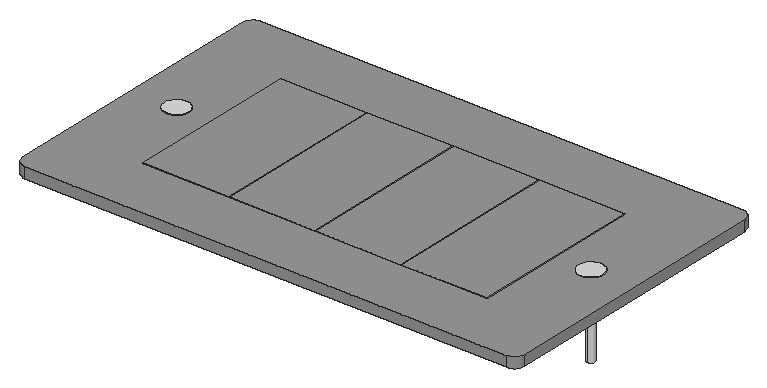
Revit family "ElectricalFixture_WiringAccessories_Hager_Sollysta_DecorativeFlatEuroPlates", category Electrical Fixtures, host Face, Revit 2015
Parameters (values of type "WFP4EUBNB")
  Warranty ID = ""
  Voltage (Volts) = "230V/240V"
  Unique Reference = "WFP4EUBNB"
  Type = "ElectricalFixture"
  Technical Description = Description  # "EuroStylePlate4ModuleBlackNickelBlackInsert"
  SwitchHeight = 50.0 mm
  Switch Width = 100.0 mm
  Switch = yes
  Supply Phase = "1"
  Size = ""
  Shipping Weight kg = "0.188"
  Shape = "Rectangular"
  Reference Standard = "BS 1363-2"
  Product URL = "http://www.hager.co.uk/product-catalogue/wiring-accessories/sollysta/white-moulded/white-moulded-euro-accomodation-plates-modules/58361.htm"
  Product Range = "Sollysta"
  Product Model Number = Unique Reference  # "WFP4EUBNB"
  Product Literature = "http://www.hager.co.uk/product-catalogue/wiring-accessories/sollysta/38662.htm"
  Product Group = "WiringAccessories"
  Product Family = "DecorativeEuroAccomodationPlates&Modules"
  Packaging Recyclable = yes
  Overall Width = Overall Length  # 146.0 mm
  Overall Length = 146.0 mm
  Overall Height = 86.0 mm
  Overall Depth = 26.07 mm
  Operation and Maintenance Manual = ""
  Name = "DecorativeEuroAccomodationPlates&Modules_WFP4EUBNB"
  Module4 [instance] = ElectricalFixture_WiringAccessories_Hager_Sollysta_EuroModulesWhite : WMMRJ45
  Module3 [instance] = ElectricalFixture_WiringAccessories_Hager_Sollysta_EuroModulesWhite : WMMRJ45
  Module2 [instance] = ElectricalFixture_WiringAccessories_Hager_Sollysta_EuroModulesWhite : WMMRJ11
  Module1 [instance] = ElectricalFixture_WiringAccessories_Hager_Sollysta_EuroModulesWhite : WMMBTM
  Measurement Units = "mm"
  Material = Hager_BlackNickel
  Manufacturer Website = "http://www.hager.co.uk/"
  Manufacturer Country = "United Kingdom"
  Manufacturer = "Hager"
  LED Indicator Switch = no
  Gross Weight kg = "0.165"
  Frequency = "50/60Hz"
  Finish = "Polished"
  Features = Description  # "EuroStylePlate4ModuleBlackNickelBlackInsert"
  Extrusion From Wall = 3.0 mm  # constant formula
  Expected Life = "25 years"
  EAN Code = "5015654743345"
  Design Country = "China"
  Description = "EuroStylePlate4ModuleBlackNickelBlackInsert"
  Default Elevation = 1219.2 mm
  Colour = "BlackNickel"
  CE Approval = yes
  4Gang = yes
  2Gang = yes
  1Gang = no
Types (18, lengths in mm): name | Unique Reference | Technical Description | Product Model Number | Overall Width | Overall Length | Name | Material | Finish | Features | EAN Code | Description | Colour | 4Gang | 2Gang | 1Gang
  WFP1EUPSW | "WRP1EUPSW" | "EuroStylePlate1ModulePolishedSteelWhiteInsert" | "WRP1EUPSW" | 86.0 | 86.0 | "DecorativeEuroAccomodationPlates&Modules_WFP1EUPSW" | Hager_PolishedSteel | "Polished" | "EuroStylePlate1ModulePolishedSteelWhiteInsert" | "5015654742942" | "EuroStylePlate1ModulePolishedSteelWhiteInsert" | "PolishedSteel" | no | no | yes
  WFP1EUBSW | "WFP1EUBSW" | "EuroStylePlate1ModuleBrushedSteelWhiteInsert" | "WFP1EUBSW" | 86.0 | 86.0 | "DecorativeEuroAccomodationPlates&Modules_WFP1EUBSW" | Hager_BrushedSteel | "Brushed" | "EuroStylePlate1ModuleBrushedSteelWhiteInsert" | "5015654742980" | "EuroStylePlate1ModuleBrushedSteelWhiteInsert" | "BrushedSteel" | no | no | yes
  WFP1EUPBW | "WFP1EUPBW" | "EuroStylePlate1ModulePolishedBrassWhiteInsert" | "WFP1EUPBW" | 86.0 | 86.0 | "DecorativeEuroAccomodationPlates&Modules_WFP1EUPBW" | Hager_PolishedBrass | "Polished" | "EuroStylePlate1ModulePolishedBrassWhiteInsert" | "5015654743024" | "EuroStylePlate1ModulePolishedBrassWhiteInsert" | "PolishedBrass" | no | no | yes
  WFP1EUBNB | "WFP1EUBNB" | "EuroStylePlate1ModuleBlackNickelBlackInsert" | "WFP1EUBNB" | 86.0 | 86.0 | "DecorativeEuroAccomodationPlates&Modules_WFP1EUBNB" | Hager_BlackNickel | "Polished" | "EuroStylePlate1ModuleBlackNickelBlackInsert" | "5015654743062" | "EuroStylePlate1ModuleBlackNickelBlackInsert" | "BlackNickel" | no | no | yes
  WFP1EUPSB | "WFP1EUPSB" | "EuroStylePlate1ModulePolishedSteelBlackInsert" | "WFP1EUPSB" | 86.0 | 86.0 | "DecorativeEuroAccomodationPlates&Modules_WFP1EUPSB" | Hager_PolishedSteel | "Polished" | "EuroStylePlate1ModulePolishedSteelBlackInsert" | "5015654742966" | "EuroStylePlate1ModulePolishedSteelBlackInsert" | "PolishedSteel" | no | no | yes
  WFP1EUBSB | "WFP1EUBSB" | "EuroStylePlate1ModuleBrushedSteelBlackInsert" | "WFP1EUBSB" | 86.0 | 86.0 | "DecorativeEuroAccomodationPlates&Modules_WFP1EUBSB" | Hager_BrushedSteel | "Brushed" | "EuroStylePlate1ModuleBrushedSteelBlackInsert" | "5015654743000" | "EuroStylePlate1ModuleBrushedSteelBlackInsert" | "BrushedSteel" | no | no | yes
  WFP1EUPBB | "WFP1EUPBB" | "EuroStylePlate1ModulePolishedBrassBlackInsert" | "WFP1EUPBB" | 86.0 | 86.0 | "DecorativeEuroAccomodationPlates&Modules_WFP1EUPBB" | Hager_PolishedBrass | "Polished" | "EuroStylePlate1ModulePolishedBrassBlackInsert" | "5015654743048" | "EuroStylePlate1ModulePolishedBrassBlackInsert" | "PolishedBrass" | no | no | yes
  WFP2EUPSW | "WFP2EUPSW" | "EuroStylePlate2ModulePolishedSteelWhiteInsert" | "WFP2EUPSW" | 86.0 | 86.0 | "DecorativeEuroAccomodationPlates&Modules_WFP2EUPSW" | Hager_PolishedSteel | "Polished" | "EuroStylePlate2ModulePolishedSteelWhiteInsert" | "5015654743086" | "EuroStylePlate2ModulePolishedSteelWhiteInsert" | "PolishedSteel" | no | yes | no
  WFP2EUPBW | "WFP2EUPBW" | "EuroStylePlate2ModulePolishedBrassWhiteInsert" | "WFP2EUPBW" | 86.0 | 86.0 | "DecorativeEuroAccomodationPlates&Modules_WFP2EUPBW" | Hager_PolishedBrass | "Polished" | "EuroStylePlate2ModulePolishedBrassWhiteInsert" | "5015654743161" | "EuroStylePlate2ModulePolishedBrassWhiteInsert" | "PolishedBrass" | no | yes | no
  WFP2EUPSB | "WFP2EUPSB" | "EuroStylePlate2ModulePolishedSteelBlackInsert" | "WFP2EUPSB" | 86.0 | 86.0 | "DecorativeEuroAccomodationPlates&Modules_WFP2EUPSB" | Hager_PolishedSteel | "Polished" | "EuroStylePlate2ModulePolishedSteelBlackInsert" | "5015654743109" | "EuroStylePlate2ModulePolishedSteelBlackInsert" | "PolishedSteel" | no | yes | no
  WFP2EUPBB | "WFP2EUPBB" | "EuroStylePlate2ModulePolishedBrassBlackInsert" | "WFP2EUPBB" | 86.0 | 86.0 | "DecorativeEuroAccomodationPlates&Modules_WFP2EUPBB" | Hager_PolishedBrass | "Polished" | "EuroStylePlate2ModulePolishedBrassBlackInsert" | "5015654743185" | "EuroStylePlate2ModulePolishedBrassBlackInsert" | "PolishedBrass" | no | yes | no
  WFP4EUPSW | "WFP4EUPSW" | "EuroStylePlate4ModulePolishedSteelWhiteInsert" | "WFP4EUPSW" | 146.0 | 146.0 | "DecorativeEuroAccomodationPlates&Modules_WFP4EUPSW" | Hager_PolishedSteel | "Polished" | "EuroStylePlate4ModulePolishedSteelWhiteInsert" | "5015654743222" | "EuroStylePlate4ModulePolishedSteelWhiteInsert" | "PolishedSteel" | yes | yes | no
  WFP4EUBSW | "WFP4EUBSW" | "EuroStylePlate4ModuleBrushedSteelWhiteInsert" | "WFP4EUBSW" | 146.0 | 146.0 | "DecorativeEuroAccomodationPlates&Modules_WFP4EUBSW" | Hager_BrushedSteel | "Brushed" | "EuroStylePlate4ModuleBrushedSteelWhiteInsert" | "5015654743260" | "EuroStylePlate4ModuleBrushedSteelWhiteInsert" | "BrushedSteel" | yes | yes | no
  WFP4EUPBW | "WFP4EUPBW" | "EuroStylePlate4ModulePolishedBrassWhiteInsert" | "WFP4EUPBW" | 146.0 | 146.0 | "DecorativeEuroAccomodationPlates&Modules_WFP4EUPBW" | Hager_PolishedBrass | "Polished" | "EuroStylePlate4ModulePolishedBrassWhiteInsert" | "5015654743307" | "EuroStylePlate4ModulePolishedBrassWhiteInsert" | "PolishedBrass" | yes | yes | no
  WFP4EUPSB | "5015654743246" | "EuroStylePlate4ModulePolishedSteelBlackInsert" | "5015654743246" | 146.0 | 146.0 | "DecorativeEuroAccomodationPlates&Modules_WFP4EUPSB" | Hager_PolishedSteel | "Polished" | "EuroStylePlate4ModulePolishedSteelBlackInsert" | "5015654743239" | "EuroStylePlate4ModulePolishedSteelBlackInsert" | "PolishedSteel" | yes | yes | no
  WFP4EUBSB | "WFP4EUBSB" | "EuroStylePlate4ModuleBrushedSteelBlackInsert" | "WFP4EUBSB" | 146.0 | 146.0 | "DecorativeEuroAccomodationPlates&Modules_WFP4EUBSB" | Hager_BrushedSteel | "Brushed" | "EuroStylePlate4ModuleBrushedSteelBlackInsert" | "5015654743284" | "EuroStylePlate4ModuleBrushedSteelBlackInsert" | "BrushedSteel" | yes | yes | no
  WFP4EUPBB | "5015654743321" | "EuroStylePlate4ModulePolishedBrassBlackInsert" | "5015654743321" | 146.0 | 146.0 | "DecorativeEuroAccomodationPlates&Modules_WFP4EUPBB" | Hager_PolishedBrass | "Polished" | "EuroStylePlate4ModulePolishedBrassBlackInsert" | "5015654743314" | "EuroStylePlate4ModulePolishedBrassBlackInsert" | "PolishedBrass" | yes | yes | no
  WFP4EUBNB | "WFP4EUBNB" | "EuroStylePlate4ModuleBlackNickelBlackInsert" | "WFP4EUBNB" | 146.0 | 146.0 | "DecorativeEuroAccomodationPlates&Modules_WFP4EUBNB" | Hager_BlackNickel | "Polished" | "EuroStylePlate4ModuleBlackNickelBlackInsert" | "5015654743345" | "EuroStylePlate4ModuleBlackNickelBlackInsert" | "BlackNickel" | yes | yes | no
Reference planes
  plane 1 "Center (Front/Back)": y = 0
  plane 2: z = 0
  plane 3 "Center (Left/Right)": x = -11.5
  plane 4: y = -43
  plane 5: y = 43
  plane 6: x = -84.5
  plane 7: x = 61.5
  plane 8: z = 9.47
  plane 9: z = -16.6
  plane 10: z = 3
  plane 11: y = -471.393
  plane 12: z = -20.53
  plane 13: x = -71.65
  plane 14: x = 48.65
  plane 15: x = -61.5
  plane 16: x = 38.5
  plane 17: y = -25
  plane 18: y = 25
  plane 19 "Ref Line": z = -8.9
Forms (mm)
  Extrusion 1, solid, material "Steel, Chrome Plated", detail levels fine
    sketch origin (0, 0, 0) x (1, 0, 0) y (0, 1, 0)
      loop
        circle (-71.65, 0) r 3.542
    from -1.167 to 3
  Extrusion 2, solid, material "Steel, Chrome Plated", detail levels fine
    sketch origin (0, 0, 0) x (-1, 0, 0) y (0, -1, 0)
      loop
        circle (-48.65, 0) r 3.542
    from -1.167 to 3
  Extrusion 3, solid, material "Urea Formaldehyde Thermoset Plastic", detail levels medium
    sketch origin (0, 0, 0) x (1, 0, 0) y (0, 1, 0)
      loop
        line (-84.5, 43) -> (-84.5, -43) -> (61.5, -43) -> (61.5, 43) -> (-84.5, 43)
    from 0 to 3
  Extrusion 4, solid
    sketch origin (-184.307, 0, -1.167) x (0, 1, 0) y (-1, 0, 0)
      loop
        circle (0, -112.657) r 1.2
    from 0 to 19.363
  Extrusion 5, solid
    sketch origin (0, 0, -1.167) x (0, -1, 0) y (1, 0, 0)
      loop
        circle (0, 48.65) r 1.2
    from 0 to 19.363
  Extrusion 6, solid, material "Urea Formaldehyde Thermoset Plastic", detail levels medium
    sketch origin (0, 0, 0) x (1, 0, 0) y (0, 1, 0)
      loop
        line (-84.5, -43) -> (61.5, -43) -> (61.5, 43) -> (-84.5, 43) -> (-84.5, -43)
    from 0 to 3
  Extrusion 7, solid, material "Hager_BlackNickel" <- "Material", detail levels fine
    sketch origin (0, 0, 0) x (1, 0, 0) y (0, 1, 0)
      loop
        arc (-81.235, 43) -> (-83.544, 42.044) -> (-84.5, 39.735) r 3.265
        line (-84.5, 39.735) -> (-84.5, -39.765)
        arc (-84.5, -39.765) -> (-83.553, -42.053) -> (-81.265, -43) r 3.235
        line (-81.265, -43) -> (58.509, -43)
        arc (58.509, -43) -> (60.624, -42.124) -> (61.5, -40.009) r 2.991
        line (61.5, -40.009) -> (61.5, 39.751)
        arc (61.5, 39.751) -> (60.548, 42.048) -> (58.251, 43) r 3.249
        line (58.251, 43) -> (-81.235, 43)
    from 0 to 3
Lines and regions (mm)
  symbolic lines, style "ElectricalFixtures", not visible, detail levels coarse
    curve 1: line (73.42, -504.912, 19.451) -> (3.42, -504.912, 19.451)
    curve 2: arc (73.42, -504.912, 19.451) -> (38.42, -504.912, 54.451) -> (3.42, -504.912, 19.451) r 35
    curve 3: circle (38.42, -504.912, 54.451) r 6 normal (0, 1, 0)
    curve 4: line (38.42, -504.912, 54.451) -> (38.42, -504.912, 99.451)
    curve 5: line (38.42, -504.912, 99.451) -> (68.42, -504.912, 99.451)
    curve 6: line (38.42, -504.912, 54.451) -> (10.78, -504.912, 87.391)
    curve 7: line (10.78, -504.912, 87.391) -> (-3.315, -504.912, 75.564)
    curve 8: line (0.509, -504.912, 19.451) -> (-69.491, -504.912, 19.451)
    curve 9: arc (0.509, -504.912, 19.451) -> (-34.491, -504.912, 54.451) -> (-69.491, -504.912, 19.451) r 35
    curve 10: circle (-34.491, -504.912, 54.451) r 6 normal (0, 1, 0)
    curve 11: line (-34.491, -504.912, 54.451) -> (-34.491, -504.912, 99.451)
    curve 12: line (-34.491, -504.912, 99.451) -> (-4.491, -504.912, 99.451)
    curve 13: line (-34.491, -504.912, 54.451) -> (-62.13, -504.912, 87.391)
    curve 14: line (-62.13, -504.912, 87.391) -> (-76.226, -504.912, 75.564)
  model lines, detail levels coarse
    curve 15: line (-84.5, 43, 0) -> (61.5, 43, 0)
    curve 16: line (-84.5, -43, 0) -> (-84.5, 43, 0)
    curve 17: line (61.5, -43, 0) -> (-84.5, -43, 0)
    curve 18: line (61.5, 43, 0) -> (61.5, -43, 0)
    curve 19: arc (-67.608, 0, 0) -> (-71.65, -4.042, 0) -> (-75.692, 0, 0) r 4.042
    curve 20: arc (-75.692, 0, 0) -> (-71.65, 4.042, 0) -> (-67.608, 0, 0) r 4.042
    curve 21: arc (52.692, 0, 0) -> (48.65, -4.042, 0) -> (44.608, 0, 0) r 4.042
    curve 22: arc (44.608, 0, 0) -> (48.65, 4.042, 0) -> (52.692, 0, 0) r 4.042
  model lines
    curve 23: line (35.719, -25, 0) -> (-58.806, -25, 0)
Dimensions and locks
  "Overall Length": plane 6 to plane 7
  "Overall Height": plane 4 to plane 5
  "Extrusion From Wall": plane 2 to plane 10
  locked: plane 14 to plane 7 at 12.85
  locked: plane 6 to plane 13 at 12.85
  equal spacing: plane 6, plane 3 "Center (Left/Right)", plane 7
  equal spacing: plane 15, plane 3 "Center (Left/Right)", plane 16
  "Switch Width": plane 15 to plane 16
  equal spacing: plane 18, plane 1 "Center (Front/Back)", plane 17
  "SwitchHeight": plane 18 to plane 17
  plane 15 to plane 3 "Center (Left/Right)" to plane 16 = 50.0 mm, 50.0 mm
  nested 1 to host face = 3.0 mm
  locked: plane 10 to plane 19 "Ref Line" at 11.9
  aligned and locked: plane 2 to host face
  aligned and locked: level to host face
  aligned and locked: Extrusion 2 to Extrusion 4
  aligned and locked: Extrusion 5 to Extrusion 1
  aligned and locked: plane 12 to Extrusion 5
  aligned and locked: Extrusion 6 to level
  aligned and locked: plane 14 to Extrusion 5 sketch curve
  aligned and locked: plane 13 to Extrusion 4 sketch curve
  aligned and locked: plane 1 "Center (Front/Back)" to nested 1
  aligned and locked: curve 15 to Extrusion 7 sketch curve
  aligned and locked: curve 16 to Extrusion 7 sketch curve
  aligned and locked: curve 17 to Extrusion 7 sketch curve
  aligned and locked: curve 18 to Extrusion 7 sketch curve
  aligned and locked: Extrusion 7 to plane 10
  aligned and locked: Extrusion 6 to Extrusion 7
  aligned and locked: Extrusion 3 to Extrusion 6
  aligned and locked: Extrusion 3 to Extrusion 1
  aligned and locked: Extrusion 2 to Extrusion 1
Automatic sketch dimensions
  host sketch curve to host sketch curve = 2438.4 mm  (x2)
  Extrusion 1 sketch curve to Extrusion 1 sketch curve = 0.0 mm  (x2)
  plane 1 "Center (Front/Back)" to Extrusion 1 sketch curve = 0.0 mm
  Extrusion 1 sketch curve to plane 13 = 0.0 mm
  Extrusion 1 sketch curve to plane 13 = 3.542 mm
  Extrusion 2 sketch curve to Extrusion 2 sketch curve = 0.0 mm  (x2)
  plane 1 "Center (Front/Back)" to Extrusion 2 sketch curve = 0.0 mm
  plane 14 to Extrusion 2 sketch curve = 0.0 mm
  Extrusion 2 sketch curve to plane 14 = 3.542 mm
  plane 4 to Extrusion 3 sketch curve = 0.0 mm
  Extrusion 3 sketch curve to plane 6 = 0.0 mm
  Extrusion 3 sketch curve to plane 7 = 0.0 mm
  plane 5 to Extrusion 3 sketch curve = 0.0 mm
  plane 5 to Extrusion 6 sketch curve = 0.0 mm
  Extrusion 6 sketch curve to plane 6 = 0.0 mm
  Extrusion 6 sketch curve to plane 7 = 0.0 mm
  plane 4 to Extrusion 6 sketch curve = 0.0 mm
  curve 19 to curve 20 = 0.0 mm  (x2)
  curve 21 to curve 22 = 0.0 mm  (x2)
  plane 4 to curve 17 = 0.0 mm
  curve 17 to plane 6 = 0.0 mm
  plane 1 "Center (Front/Back)" to curve 19 = 0.0 mm
  curve 20 to plane 13 = 0.0 mm
  plane 1 "Center (Front/Back)" to curve 21 = 0.0 mm
  curve 22 to plane 14 = 0.0 mm
  curve 17 to plane 7 = 0.0 mm
  plane 5 to curve 16 = 0.0 mm
  curve 19 to plane 13 = 4.042 mm
  curve 21 to curve 21 = 4.042 mm
  curve 23 to plane 17 = 0.0 mm
  curve 23 to plane 16 = 2.781 mm
  plane 15 to curve 23 = 2.694 mm
  Extrusion 7 sketch curve to plane 4 = 3.235 mm
  plane 6 to Extrusion 7 sketch curve = 3.265 mm
  Extrusion 7 sketch curve to plane 7 = 3.249 mm
  Extrusion 7 sketch curve to plane 7 = 2.991 mm
  radius of Extrusion 4 sketch curve = 1.2 mm
  radius of Extrusion 5 sketch curve = 1.2 mm
Nested families
  nested 1: "ElectricalFixture_WiringAccessories_Hager_Sollysta_EuroModulesWhite" at (-37.5, 0, -8.9), visible <- "4Gang", type <- "Module1", type "WMMBTM", detail levels fine
  nested 2: "ElectricalFixture_WiringAccessories_Hager_Sollysta_EuroModulesWhite" at (-12.5, 0, -8.9), visible <- "2Gang", type <- "Module2", type "WMMRJ11", detail levels fine
  nested 3: "ElectricalFixture_WiringAccessories_Hager_Sollysta_EuroModulesWhite" at (12.5, 0, -8.9), visible <- "2Gang", type <- "Module3", type "WMMRJ45", detail levels fine
  nested 4: "ElectricalFixture_WiringAccessories_Hager_Sollysta_EuroModulesWhite" at (37.5, 0, -8.9), visible <- "4Gang", type <- "Module4", type "WMMRJ45", detail levels fine
  nested 5: "ElectricalFixture_WiringAccessories_Hager_Sollysta_EuroModulesWhite" at (0, 0, -8.9), visible <- "1Gang", type <- "Module1", type "WMMBTM", detail levels fine
Connectors
  electrical at (-11.5, 0, 0)
    settings: on Extrusion 3, index 1, voltage 230 V, apparent load 0 VA, apparent load phase1 0 VA, apparent load phase2 0 VA, apparent load phase3 0 VA, power factor 1, load classification "Other", number of poles 1, system type 31, power factor state 1, is connector primary yes, connector utility no, sub classification motor no, connector description ""
Definition of nested family "ElectricalFixture_WiringAccessories_Hager_Sollysta_EuroModulesWhite"
  Parameters (values of type "WMMPIR10X")
    Warranty ID = ""
    Voltage (Volts) = "230V/240V"
    Unique Reference = "WMMPIR10X"
    Type = "ElectricalFixture"
    Technical Description = Description  # "PIR10mDetectionEuromoduleWhite"
    SwitchHeight = 50.0 mm
    Switch Width = 100.0 mm
    Switch = yes
    Supply Phase = "1"
    Size = ""
    Shipping Weight kg = "0.188"
    Shape = "Rectangular"
    Reference Standard = "BS 1363-2"
    Product URL = "http://www.hager.co.uk/product-catalogue/wiring-accessories/sollysta/white-moulded/white-moulded-euro-accomodation-plates-modules/58361.htm"
    Product Range = "Sollysta"
    Product Model Number = Unique Reference  # "WMMPIR10X"
    Product Literature = "http://www.hager.co.uk/product-catalogue/wiring-accessories/sollysta/38662.htm"
    Product Group = "WiringAccessories"
    Product Family = "WhiteMouldedEuroAccomodationPlates&Modules"
    Packaging Recyclable = yes
    Overall Width = 25.0 mm
    Overall Length = 25.0 mm  # constant formula
    Overall Height = 50.0 mm
    Overall Depth = 11.9 mm
    Operation and Maintenance Manual = ""
    Name = "WhiteMouldedEuroAccomodationPlates&Modules_WMMPIR10X"
    Measurement Units = "mm"
    Material = none
    Manufacturer Website = "http://www.hager.co.uk/"
    Manufacturer Country = "United Kingdom"
    Manufacturer = "Hager"
    LED Indicator Switch = no
    Gross Weight kg = "0.165"
    Frequency = "50/60Hz"
    Finish = "Gloss"
    Features = Description  # "PIR10mDetectionEuromoduleWhite"
    Extrusion From Wall = 11.921 mm
    Expected Life = "25 years"
    EAN Code = "3250617262347"
    Design Country = "China"
    Description = "PIR10mDetectionEuromoduleWhite"
    Default Elevation = 1219.2 mm
    Colour = "SollystaWhite"
    CE Approval = yes
  Types (16, lengths in mm): name | Unique Reference | Technical Description | Product Model Number | Name | Features | EAN Code | Description
    WMMBTM | "WMMBTM" | "BTTelephoneMasterEuromoduleWhite" | "WMMBTM" | "WhiteMouldedEuroAccomodationPlates&Modules_WMMBTM" | "BTTelephoneMasterEuromoduleWhite" | "5015652260691" | "BTTelephoneMasterEuromoduleWhite"
    WMMBTS | "WMMBTS" | "BTTelephoneSecondaryEuromoduleWhite" | "WMMBTS" | "WhiteMouldedEuroAccomodationPlates&Modules_WMMBTS" | "BTTelephoneSecondaryEuromoduleWhite" | "5015652260998" | "BTTelephoneSecondaryEuromoduleWhite"
    WMMRJ11 | "WMMRJ11" | "RJ11ModernEuromoduleWhite" | "WMMRJ11" | "WhiteMouldedEuroAccomodationPlates&Modules_WMMRJ11" | "RJ11ModernEuromoduleWhite" | "RJ11 - Modem Euromodule White" | "RJ11ModernEuromoduleWhite"
    WMMRJ45 | "WMMRJ45" | "RJ45CAT6UTPEuromoduleWhite" | "WMMRJ45" | "WhiteMouldedEuroAccomodationPlates&Modules_WMMRJ45" | "RJ45CAT6UTPEuromoduleWhite" | "5015652260752" | "RJ45CAT6UTPEuromoduleWhite"
    WMMPP | "WMMPP" | "PhonoPlugsRed/BlackEuromodule" | "WMMPP" | "WhiteMouldedEuroAccomodationPlates&Modules_WMMPP" | "PhonoPlugsRed/BlackEuromodule" | "5015652260776" | "PhonoPlugsRed/BlackEuromodule"
    WMMSP | "WMMSP" | "SpeakerTerminalPostsEuromoduleWhite" | "WMMSP" | "WhiteMouldedEuroAccomodationPlates&Modules_WMMSP" | "SpeakerTerminalPostsEuromoduleWhite" | "5015652260783" | "SpeakerTerminalPostsEuromoduleWhite"
    WMMTVF | "WMMTVF" | "SingleIECFemaleEuromoduleWhite" | "WMMTVF" | "WhiteMouldedEuroAccomodationPlates&Modules_WMMTVF" | "SingleIECFemaleEuromoduleWhite" | "5015652260806" | "SingleIECFemaleEuromoduleWhite"
    WMMTVM | "WMMTVM" | "SingleIECMaleEuromoduleWhite" | "WMMTVM" | "WhiteMouldedEuroAccomodationPlates&Modules_WMMTVM" | "SingleIECMaleEuromoduleWhite" | "5015652260837" | "SingleIECMaleEuromoduleWhite"
    WMMSAT | "WMMSAT" | "SingleSatelliteFConnectorEuromoduleWhite" | "WMMSAT" | "WhiteMouldedEuroAccomodationPlates&Modules_WMMSAT" | "SingleSatelliteFConnectorEuromoduleWhite" | "5015652260868" | "SingleSatelliteFConnectorEuromoduleWhite"
    WMMB | "WMMB" | "SingleBlankEuromoduleWhite" | "WMMB" | "WhiteMouldedEuroAccomodationPlates&Modules_WMMB" | "SingleBlankEuromoduleWhite" | "5015652260912" | "SingleBlankEuromoduleWhite"
    WMMHDMI | "WMMHDMI" | "HDMIOutletWhite" | "WMMHDMI" | "WhiteMouldedEuroAccomodationPlates&Modules_WMMHDMI" | "HDMIOutletWhite" | "3250617262071" | "HDMIOutletWhite"
    WMMUSB | "WMMUSB" | "USBEuromoduleWhite" | "WMMUSB" | "WhiteMouldedEuroAccomodationPlates&Modules_WMMUSB" | "USBEuromoduleWhite" | "5015654760175" | "USBEuromoduleWhite"
    WMMTX | "WMMTX" | "Triplexer,TV,SAT&FMEuromoduleWhite" | "WMMTX" | "WhiteMouldedEuroAccomodationPlates&Modules_WMMTX" | "Triplexer,TV,SAT&FMEuromoduleWhite" | "5015652260950" | "Triplexer,TV,SAT&FMEuromoduleWhite"
    WMMQX | "WMMQX" | "Quadplexer,TV/SAT/FM/RTRNEuromoduleWhite" | "WMMQX" | "WhiteMouldedEuroAccomodationPlates&Modules_WMMQX" | "Quadplexer,TV/SAT/FM/RTRNEuromoduleWhite" | "5015652260974" | "Quadplexer,TV/SAT/FM/RTRNEuromoduleWhite"
    WMMPIR05X | "WMMPIR05X" | "PIR5mDetectionEuromoduleWhite" | "WMMPIR05X" | "WhiteMouldedEuroAccomodationPlates&Modules_WMMPIR05X" | "PIR5mDetectionEuromoduleWhite" | "3250617262330" | "PIR5mDetectionEuromoduleWhite"
    WMMPIR10X | "WMMPIR10X" | "PIR10mDetectionEuromoduleWhite" | "WMMPIR10X" | "WhiteMouldedEuroAccomodationPlates&Modules_WMMPIR10X" | "PIR10mDetectionEuromoduleWhite" | "3250617262347" | "PIR10mDetectionEuromoduleWhite"
  Reference planes
    plane 1 "Center (Front/Back)": y = 0
    plane 2: z = 0
    plane 3 "Center (Left/Right)": x = -11.5
    plane 4: y = -25
    plane 5: y = 25
    plane 6: x = -24
    plane 7: x = 1
    plane 8: z = 11.9
  Forms (mm)
    Extrusion 1, solid
      sketch origin (0, 0, 0) x (1, 0, 0) y (0, 1, 0)
        loop
          line (-1219.2, 1219.2) -> (-1219.2, -1219.2) -> (1219.2, -1219.2) -> (1219.2, 1219.2) -> (-1219.2, 1219.2)
      from 0 to -304.8
    Extrusion 2, solid
      sketch origin (0, 0, 0) x (1, 0, 0) y (0, 1, 0)
        loop
          line (-24, -25) -> (1, -25) -> (1, 25) -> (-24, 25) -> (-24, -25)
      from 0 to 11.9
  Lines and regions (mm)
    symbolic lines, not visible, detail levels coarse
      curve 1: line (73.42, -504.912, 19.451) -> (3.42, -504.912, 19.451)
      curve 2: arc (73.42, -504.912, 19.451) -> (38.42, -504.912, 54.451) -> (3.42, -504.912, 19.451) r 35
      curve 3: circle (38.42, -504.912, 54.451) r 6 normal (0, 1, 0)
      curve 4: line (38.42, -504.912, 54.451) -> (38.42, -504.912, 99.451)
      curve 5: line (38.42, -504.912, 99.451) -> (68.42, -504.912, 99.451)
      curve 6: line (38.42, -504.912, 54.451) -> (10.78, -504.912, 87.391)
      curve 7: line (10.78, -504.912, 87.391) -> (-3.315, -504.912, 75.564)
      curve 8: line (0.509, -504.912, 19.451) -> (-69.491, -504.912, 19.451)
      curve 9: arc (0.509, -504.912, 19.451) -> (-34.491, -504.912, 54.451) -> (-69.491, -504.912, 19.451) r 35
      curve 10: circle (-34.491, -504.912, 54.451) r 6 normal (0, 1, 0)
      curve 11: line (-34.491, -504.912, 54.451) -> (-34.491, -504.912, 99.451)
      curve 12: line (-34.491, -504.912, 99.451) -> (-4.491, -504.912, 99.451)
      curve 13: line (-34.491, -504.912, 54.451) -> (-62.13, -504.912, 87.391)
      curve 14: line (-62.13, -504.912, 87.391) -> (-76.226, -504.912, 75.564)
  Dimensions and locks
    equal spacing: plane 6, plane 3 "Center (Left/Right)", plane 7
    "Overall Width": plane 6 to plane 7
    equal spacing: plane 4, plane 1 "Center (Front/Back)", plane 5
    "Overall Height": plane 4 to plane 5
    "Overall Depth": plane 8 to plane 2
    aligned and locked: plane 2 to Extrusion 1
    aligned and locked: level to Extrusion 1
    aligned and locked: plane 4 to Extrusion 2 sketch curve
    aligned and locked: Extrusion 2 sketch curve to plane 6
    aligned and locked: Extrusion 2 sketch curve to plane 5
    aligned and locked: plane 7 to Extrusion 2 sketch curve
    aligned and locked: Extrusion 2 to plane 8
  Automatic sketch dimensions
    Extrusion 1 sketch curve to Extrusion 1 sketch curve = 2438.4 mm  (x2)
